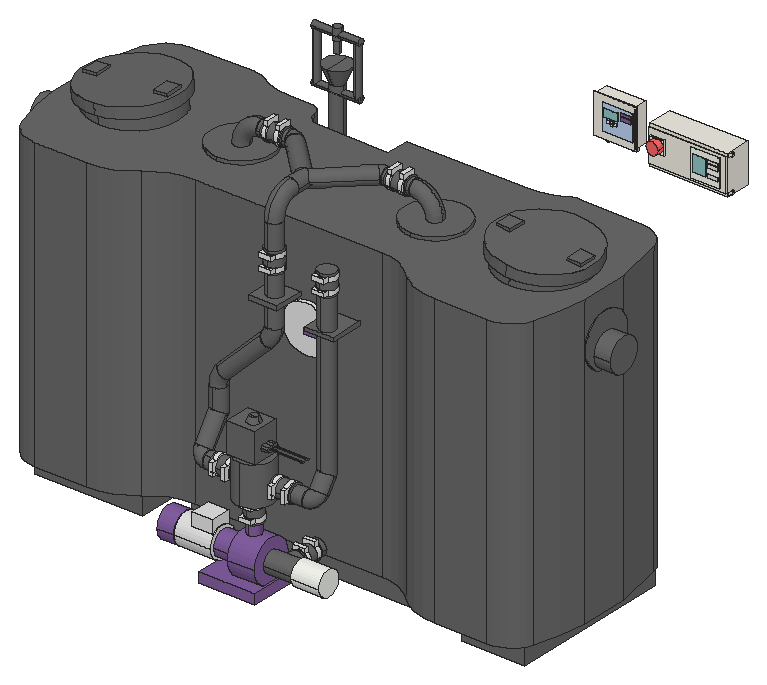
Revit family "93010.02_pvs 0", category Generic Models, Revit 2021 (continued)
Definition of nested family "93010.02_pvs 0_part3_X0Y0"
  Definition of nested family "93010.02_pvs 0_part3_content"
    Forms (mm)
      Revolve 27, solid, detail levels medium+fine
        sketch origin (-268.5, -391, 613) x (0, 1, 0) y (0, 0, 1)
          loop
            line (0, 37.5) -> (0, -37.5)
            arc (0, -37.5) -> (37.5, 0) -> (0, 37.5) r 37.5
          axis (0, -37.5) -> (0, 37.5)
        angle from -360 to 0
      Extrusion 28, solid, detail levels medium+fine
        sketch origin (-268.5, -391, 613) x (0, 1, 0) y (-1, 0, 0)
          loop
            circle (0, 0) r 37.5
        from 0 to 116
      Revolve 29, solid, detail levels medium+fine
        sketch origin (-268.5, -391, 729) x (1, 0, 0) y (0, 1, 0)
          loop
            circle (0, 0) r 37
          axis (100, 0) -> (100, -1)
        angle from -45 to 0
      Extrusion 30, solid, detail levels medium+fine
        sketch origin (-239.281, -391, 799.64) x (0.5, 0.707107, -0.5) y (-0.5, 0.707107, 0.5)
          loop
            circle (0, 0) r 37.5
        from 0 to 297.2
      Revolve 31, solid, detail levels medium+fine
        sketch origin (-29.2, -391, 1009.721) x (-0.707107, 0, 0.707107) y (0, -1, 0)
          loop
            circle (0, 0) r 37
          axis (100, 0) -> (100, -1)
        angle from -45 to 0
      Extrusion 32, solid, detail levels medium+fine
        sketch origin (-81.5, -514, 607.5) x (0, -1, 0) y (0, 0, 1)
          loop
            circle (0, 0) r 20
        from 0 to 16.5
      Extrusion 33, solid, detail levels medium+fine
        sketch origin (290, -432.5, 1342) x (0, 1, 0) y (-1, 0, 0)
          loop
            circle (0, 0) r 42
        from 0 to 100
      Extrusion 34, solid, detail levels medium+fine
        sketch origin (290, -432.5, 1352) x (0, 1, 0) y (-1, 0, 0)
          loop
            circle (0, 0) r 45
        from 0 to 20
      Extrusion 35, solid, detail levels medium+fine
        sketch origin (290, -432.5, 1412) x (0, 1, 0) y (-1, 0, 0)
          loop
            circle (0, 0) r 45
        from 0 to 20
      Extrusion 36, solid, detail levels medium+fine
        sketch origin (260, -463.5, 1372) x (0, 0, -1) y (1, 0, 0)
          loop
            line (0, 60) -> (0, 0) -> (20, 0) -> (20, 60) -> (0, 60)
        from 0 to 25
      Extrusion 37, solid, detail levels medium+fine
        sketch origin (260, -463.5, 1432) x (0, 0, -1) y (1, 0, 0)
          loop
            line (0, 60) -> (0, 0) -> (20, 0) -> (20, 60) -> (0, 60)
        from 0 to 25
      Extrusion 38, solid, detail levels medium+fine
        sketch origin (-5.75, -0.5, 113) x (0, 1, 0) y (-1, 0, 0)
          loop
            line (257.5, 576.04) -> (257.5, -5.75) -> (417.5, -5.75) -> (417.5, 576.04) -> (257.5, 576.04)
        from 0 to 705
      Extrusion 39, solid, detail levels medium+fine
        sketch origin (-495.5, -275.5, 0) x (0, 1, 0) y (0, 0, 1)
          loop
            line (0, 113) -> (0, 0) -> (630, 0) -> (630, 113) -> (0, 113)
        from 0 to 1200
      Extrusion 40, solid, detail levels medium+fine
        sketch origin (-348.5, 307, 1284.2) x (0, 1, 0) y (0, 0, 1)
          loop
            line (0, 29.3) -> (0, 0) -> (110, 0) -> (110, 29.3) -> (0, 29.3)
        from 0 to 88
      Extrusion 41, solid, detail levels medium+fine
        sketch origin (-305, 374, 1168) x (1, 0, 0) y (0, 1, 0)
          loop
            circle (0, 0) r 31.5
        from 0 to 526.6
      Revolve 42, solid, detail levels medium+fine
        sketch origin (-110, 374, 1168) x (0, 1, 0) y (-1, 0, 0)
          loop
            circle (0, 0) r 31.5
          axis (0, 97.5) -> (-1, 97.5)
        angle from 0 to 180
      Extrusion 43, solid, detail levels medium+fine
        sketch origin (-110, 374, 1253.5) x (0, -1, 0) y (-1, 0, 0)
          loop
            circle (0, 0) r 31.5
        from 0 to 85.5
      Extrusion 44, solid, detail levels medium+fine
        sketch origin (-419.9, 373.5, 1659.3) x (0, 1, 0) y (0, 0, 1)
          loop
            circle (0, 0) r 15
        from 0 to 230
      Extrusion 45, solid, detail levels medium+fine
        sketch origin (-204.9, 373.5, 1908.3) x (1, 0, 0) y (0, -1, 0)
          loop
            circle (0, 0) r 15
        from 0 to 249
      Extrusion 46, solid, detail levels medium+fine
        sketch origin (-420, 373.5, 1908.3) x (0, 1, 0) y (0, 0, 1)
          loop
            circle (0, 0) r 15
        from 0 to 230
      Extrusion 47, solid, detail levels medium+fine
        sketch origin (-305, 374, 1885.9) x (1, 0, 0) y (0, 1, 0)
          loop
            circle (0, 0) r 19.25
        from 0 to 52
      Extrusion 48, solid, detail levels medium+fine
        sketch origin (-305, 374, 1827.9) x (1, 0, 0) y (0, 1, 0)
          loop
            circle (0, 0) r 14
        from 0 to 58
      Extrusion 49, solid, detail levels medium+fine
        sketch origin (-405, 373.5, 1908.3) x (1, 0, 0) y (0, -1, 0)
          loop
            circle (0, 0) r 15
        from 0 to 249
      Revolve 50, solid, detail levels medium+fine
        sketch origin (-305, 374, 1694.6) x (0, 0, 1) y (0, 1, 0)
          loop
            line (0, 0) -> (81, 0) -> (81, 65) -> (0, 31) -> (0, 0)
          axis (81, 0) -> (0, 0)
        angle from -360 to 0
      Extrusion 51, solid, detail levels medium+fine
        sketch origin (-975.473, 0, 1292.371) x (0, -1, 0) y (0.996195, 0, 0.087156)
          loop
            circle (0, 0) r 211
        from 0 to 281.5
      Extrusion 52, solid, detail levels medium+fine
        sketch origin (-1000, 0, 1572.8) x (0, -1, 0) y (0.996195, 0, 0.087156)
          loop
            circle (0, 0) r 233
        from 0 to 51
      Extrusion 53, solid, detail levels medium+fine
        sketch origin (-865.072, -41, 1635.799) x (0, 1, 0) y (-0.087156, 0, 0.996195)
          loop
            line (0, 12) -> (0, 0) -> (82, 0) -> (82, 12) -> (0, 12)
        from 0 to 66
      Extrusion 54, solid, detail levels medium+fine
        sketch origin (-1144, 41, 1611.35) x (0, -1, 0) y (-0.087156, 0, 0.996195)
          loop
            line (0, 12) -> (0, 0) -> (82, 0) -> (82, 12) -> (0, 12)
        from 0 to 66
      Extrusion 55, solid, detail levels medium+fine
        sketch origin (976.473, 0, 1292.371) x (0, 1, 0) y (-0.996195, 0, 0.087156)
          loop
            circle (0, 0) r 211
        from 0 to 281.5
      Extrusion 56, solid, detail levels medium+fine
        sketch origin (1001, 0, 1572.8) x (0, 1, 0) y (-0.996195, 0, 0.087156)
          loop
            circle (0, 0) r 233
        from 0 to 51
      Extrusion 57, solid, detail levels medium+fine
        sketch origin (866.072, 41, 1635.799) x (0, -1, 0) y (0.087156, 0, 0.996195)
          loop
            line (0, 12) -> (0, 0) -> (82, 0) -> (82, 12) -> (0, 12)
        from 0 to 66
      Extrusion 58, solid, detail levels medium+fine
        sketch origin (1145, -41, 1611.35) x (0, 1, 0) y (0.087156, 0, 0.996195)
          loop
            line (0, 12) -> (0, 0) -> (82, 0) -> (82, 12) -> (0, 12)
        from 0 to 66
      Extrusion 59, solid, detail levels medium+fine
        sketch origin (471.25, 0, 1525) x (0, 1, 0) y (-1, 0, 0)
          loop
            circle (0, 0) r 148.5
        from 0 to 15
      Revolve 60, solid, detail levels medium+fine
        sketch origin (471.25, 0, 1540) x (-1, 0, 0) y (0, -1, 0)
          loop
            circle (0, 0) r 37
          axis (100, 0) -> (100, -1)
        angle from -90 to 0
      Extrusion 61, solid, detail levels medium+fine
        sketch origin (-471.25, 0, 1525) x (0, 1, 0) y (-1, 0, 0)
          loop
            circle (0, 0) r 148.5
        from 0 to 15
      Revolve 62, solid, detail levels medium+fine
        sketch origin (-471.25, 0, 1540) x (1, 0, 0) y (0, 1, 0)
          loop
            circle (0, 0) r 37
          axis (100, 0) -> (100, -1)
        angle from -90 to 0
      Extrusion 63, solid, detail levels medium+fine
        sketch origin (-110, 314, 1313.5) x (0, 0, -1) y (1, 0, 0)
          loop
            circle (0, 0) r 31.5
        from 0 to 11
      Revolve 64, solid, detail levels medium+fine
        sketch origin (-110, 314, 1313.5) x (0, 0, -1) y (-1, 0, 0)
          loop
            circle (0, 0) r 31.5
          axis (60, 0) -> (60, -1)
        angle from -90 to 0
      Extrusion 65, solid, detail levels medium+fine
        sketch origin (-1281.79, 0, 1293) x (0, -1, 0) y (0, 0, 1)
          loop
            circle (0, 0) r 126.5
        from 0 to 21
      Extrusion 66, solid, detail levels medium+fine
        sketch origin (-1302.79, 0, 1336) x (0, -1, 0) y (0, 0, 1)
          loop
            circle (0, 0) r 80
        from 0 to 137.5
      Extrusion 67, solid, detail levels medium+fine
        sketch origin (1281.69, 0, 1305) x (0, 1, 0) y (0, 0, 1)
          loop
            circle (0, 0) r 126.5
        from 0 to 21
      Extrusion 68, solid, detail levels medium+fine
        sketch origin (1302.69, 0, 1265) x (0, 1, 0) y (0, 0, 1)
          loop
            circle (0, 0) r 80
        from 0 to 84.5
      Extrusion 69, solid, detail levels medium+fine
        sketch origin (-68, -462.2, 1198.3) x (0, 1, 0) y (0, 0, 1)
          loop
            line (0, 20.5) -> (0, 0) -> (144.25, 0) -> (144.25, 20.5) -> (0, 20.5)
        from 0 to 138
      Extrusion 70, solid, detail levels medium+fine
        sketch origin (0, -391, 1080.432) x (0, 1, 0) y (-1, 0, 0)
          loop
            circle (0, 0) r 37.5
        from 0 to 459.5
      Extrusion 71, solid, detail levels medium+fine
        sketch origin (0, -391, 1331.5) x (0, 1, 0) y (-1, 0, 0)
          loop
            circle (0, 0) r 45
        from 0 to 20
      Extrusion 72, solid, detail levels medium+fine
        sketch origin (0, -391, 1321.5) x (0, 1, 0) y (-1, 0, 0)
          loop
            circle (0, 0) r 42
        from 0 to 100
      Extrusion 73, solid, detail levels medium+fine
        sketch origin (0, -391, 1391.5) x (0, 1, 0) y (-1, 0, 0)
          loop
            circle (0, 0) r 45
        from 0 to 20
      Extrusion 74, solid, detail levels medium+fine
        sketch origin (-30, -422, 1351.5) x (0, 0, -1) y (1, 0, 0)
          loop
            line (0, 60) -> (0, 0) -> (20, 0) -> (20, 60) -> (0, 60)
        from 0 to 25
      Extrusion 75, solid, detail levels medium+fine
        sketch origin (-30, -422, 1411.5) x (0, 0, -1) y (1, 0, 0)
          loop
            line (0, 60) -> (0, 0) -> (20, 0) -> (20, 60) -> (0, 60)
        from 0 to 25
      Revolve 76, solid, detail levels medium+fine
        sketch origin (0, -391, 1539.932) x (0, 1, 0) y (-1, 0, 0)
          loop
            circle (0, 0) r 37.5
          axis (100, 0) -> (100, -1)
        angle from -90 to 0
      Extrusion 77, solid, detail levels medium+fine
        sketch origin (884.5, -357.5, 0) x (0, 1, 0) y (0, 0, 1)
          loop
            line (0, 113) -> (0, 0) -> (792, 0) -> (792, 113) -> (0, 113)
        from 0 to 306.5
      Extrusion 78, solid, detail levels medium+fine
        sketch origin (154.75, -514, 135) x (-1, 0, 0) y (0, 0, 1)
          loop
            circle (0, 0) r 40
        from 0 to 196
      Extrusion 79, solid, detail levels medium+fine
        sketch origin (154.75, -345.5, 135) x (0, 0, -1) y (1, 0, 0)
          loop
            circle (0, 0) r 42
        from 0 to 100
      Extrusion 80, solid, detail levels medium+fine
        sketch origin (154.75, -355.5, 135) x (0, 0, -1) y (1, 0, 0)
          loop
            line (-56, -30) -> (-33.541, -30)
            arc (-33.541, -30) -> (45, 0) -> (-33.541, 30) r 45
            line (-33.541, 30) -> (-56, 30) -> (-56, -30)
        from 0 to 20
      Extrusion 81, solid, detail levels medium+fine
        sketch origin (154.75, -415.5, 135) x (0, 0, -1) y (1, 0, 0)
          loop
            circle (0, 0) r 45
        from 0 to 20
      Extrusion 82, solid, detail levels medium+fine
        sketch origin (184.75, -435.5, 166) x (0, 1, 0) y (-1, 0, 0)
          loop
            line (0, 60) -> (0, 0) -> (20, 0) -> (20, 60) -> (0, 60)
        from 0 to 25
      Extrusion 83, solid, detail levels medium+fine
        sketch origin (82.5, -514, 135) x (0, 1, 0) y (0, 0, 1)
          loop
            circle (0, 0) r 50
        from 0 to 144.5
      Extrusion 84, solid, detail levels medium+fine
        sketch origin (-47, -514, 135) x (0, 1, 0) y (0, 0, 1)
          loop
            circle (0, 0) r 101
        from 0 to 129.5
      Extrusion 85, solid, detail levels medium+fine
        sketch origin (0, -514, 284) x (-1, 0, 0) y (0, 1, 0)
          loop
            circle (0, 0) r 31.5
        from 0 to 149
      Extrusion 86, solid, detail levels medium+fine
        sketch origin (-152, -514, 135) x (0, 1, 0) y (0, 0, 1)
          loop
            circle (0, 0) r 60
        from 0 to 105
      Extrusion 87, solid, detail levels medium+fine
        sketch origin (97.5, -400, 0) x (0, -1, 0) y (0, 0, 1)
          loop
            line (0, 48) -> (0, 0) -> (230, 0) -> (230, 48) -> (0, 48)
        from 0 to 272
      Extrusion 88, solid, detail levels medium+fine
        sketch origin (0, -514, 284) x (0, 1, 0) y (-1, 0, 0)
          loop
            circle (0, 0) r 42
        from 0 to 100
      Extrusion 89, solid, detail levels medium+fine
        sketch origin (0, -514, 294) x (0, 1, 0) y (-1, 0, 0)
          loop
            circle (0, 0) r 45
        from 0 to 20
      Extrusion 90, solid, detail levels medium+fine
        sketch origin (0, -514, 354) x (0, 1, 0) y (-1, 0, 0)
          loop
            circle (0, 0) r 45
        from 0 to 20
      Extrusion 91, solid, detail levels medium+fine
        sketch origin (-30, -545, 314) x (0, 0, -1) y (1, 0, 0)
          loop
            line (0, 60) -> (0, 0) -> (20, 0) -> (20, 60) -> (0, 60)
        from 0 to 25
      Extrusion 92, solid, detail levels medium+fine
        sketch origin (-30, -545, 374) x (0, 0, -1) y (1, 0, 0)
          loop
            line (0, 60) -> (0, 0) -> (20, 0) -> (20, 60) -> (0, 60)
        from 0 to 25
      Extrusion 93, solid, detail levels medium+fine
        sketch origin (227, -514, 135) x (0, 1, 0) y (0, 0, 1)
          loop
            circle (0, 0) r 58.5
        from 0 to 135.5
      Extrusion 94, solid, detail levels medium+fine
        sketch origin (-333, -514, 135) x (0, 1, 0) y (0, 0, 1)
          loop
            circle (0, 0) r 73.5
        from 0 to 181
      Extrusion 95, solid, detail levels medium+fine
        sketch origin (-262, -564.5, 188.5) x (0, 1, 0) y (0, 0, 1)
          loop
            line (0, -10) -> (100, -10) -> (100, 60) -> (0, 60) -> (0, -10)
        from 0 to 100
      Extrusion 96, solid, detail levels medium+fine
        sketch origin (-413, -514, 135) x (0, 1, 0) y (0, 0, 1)
          loop
            circle (0, 0) r 73.5
        from 0 to 80
      Extrusion 97, solid, detail levels medium+fine
        sketch origin (0, -291, 1639.932) x (-1, 0, 0) y (0, 0, 1)
          loop
            circle (0, 0) r 37.5
        from 0 to 92.5
      Extrusion 98, solid, detail levels medium+fine
        sketch origin (-13.2, -201.7, 1640) x (-0.707107, -0.707107, 0) y (0, 0, 1)
          loop
            circle (0, 0) r 37.5
        from 0 to 267.1
      Revolve 99, solid, detail levels medium+fine
        sketch origin (-201.957, -12.903, 1640) x (-0.707107, -0.707107, 0) y (0, 0, 1)
          loop
            circle (0, 0) r 37
          axis (45, 0) -> (45, -1)
        angle from -45 to 0
      Extrusion 100, solid, detail levels medium+fine
        sketch origin (13.18, -201.7, 1640) x (-0.707107, 0.707107, 0) y (0, 0, 1)
          loop
            circle (0, 0) r 37.5
        from 0 to 267.1
      Revolve 101, solid, detail levels medium+fine
        sketch origin (201.978, -12.883, 1640) x (0.707107, -0.707107, 0) y (0, 0, -1)
          loop
            circle (0, 0) r 37
          axis (45, 0) -> (45, -1)
        angle from -45 to 0
      Extrusion 102, solid, detail levels medium+fine
        sketch origin (-233.777, 0.277, 1640) x (0, -1, 0) y (0, 0, 1)
          loop
            circle (0, 0) r 37.5
        from 0 to 137.5
      Extrusion 103, solid, detail levels medium+fine
        sketch origin (-251, 0.5, 1640) x (0, 0, -1) y (0, -1, 0)
          loop
            circle (0, 0) r 42
        from 0 to 100
      Extrusion 104, solid, detail levels medium+fine
        sketch origin (-261, 0.5, 1640) x (0, 0, -1) y (0, -1, 0)
          loop
            line (-56, -30) -> (-33.541, -30)
            arc (-33.541, -30) -> (45, 0) -> (-33.541, 30) r 45
            line (-33.541, 30) -> (-56, 30) -> (-56, -30)
        from 0 to 20
      Extrusion 105, solid, detail levels medium+fine
        sketch origin (-321, 0.498, 1640) x (0, 0, -1) y (0, -1, 0)
          loop
            circle (0, 0) r 45
        from 0 to 20
      Extrusion 106, solid, detail levels medium+fine
        sketch origin (-341, -29.502, 1671) x (1, 0, 0) y (0, 1, 0)
          loop
            line (0, 60) -> (0, 0) -> (20, 0) -> (20, 60) -> (0, 60)
        from 0 to 25
      Extrusion 107, solid, detail levels medium+fine
        sketch origin (-281, -29.502, 1671) x (1, 0, 0) y (0, 1, 0)
          loop
            line (0, 60) -> (0, 0) -> (20, 0) -> (20, 60) -> (0, 60)
        from 0 to 25
      Extrusion 108, solid, detail levels medium+fine
        sketch origin (233.798, 0.298, 1640) x (0, -1, 0) y (0, 0, -1)
          loop
            circle (0, 0) r 37.5
        from 0 to 137.5
      Extrusion 109, solid, detail levels medium+fine
        sketch origin (253, 0.5, 1640) x (0, 0, -1) y (0, 1, 0)
          loop
            circle (0, 0) r 42
        from 0 to 100
      Extrusion 110, solid, detail levels medium+fine
        sketch origin (263, 0.5, 1640) x (0, 0, -1) y (0, 1, 0)
          loop
            line (-56, -30) -> (-33.541, -30)
            arc (-33.541, -30) -> (45, 0) -> (-33.541, 30) r 45
            line (-33.541, 30) -> (-56, 30) -> (-56, -30)
        from 0 to 20
      Extrusion 111, solid, detail levels medium+fine
        sketch origin (323, 0.498, 1640) x (0, 0, -1) y (0, 1, 0)
          loop
            circle (0, 0) r 45
        from 0 to 20
      Extrusion 112, solid, detail levels medium+fine
        sketch origin (343, 30.498, 1671) x (-1, 0, 0) y (0, -1, 0)
          loop
            line (0, 60) -> (0, 0) -> (20, 0) -> (20, 60) -> (0, 60)
        from 0 to 25
      Extrusion 113, solid, detail levels medium+fine
        sketch origin (283, 30.498, 1671) x (-1, 0, 0) y (0, -1, 0)
          loop
            line (0, 60) -> (0, 0) -> (20, 0) -> (20, 60) -> (0, 60)
        from 0 to 25
      Extrusion 114, solid, detail levels coarse
        sketch origin (-26.55, -76.1, 0) x (1, 0, 0) y (0, 1, 0)
          loop
            line (-1413.74, -553.9) -> (1413.74, -553.9) -> (1413.74, 553.9) -> (-1413.74, 553.9) -> (-1413.74, -553.9)
        from 0 to 1937.9
    Dimensions and locks
      aligned and locked: level to plane 2
